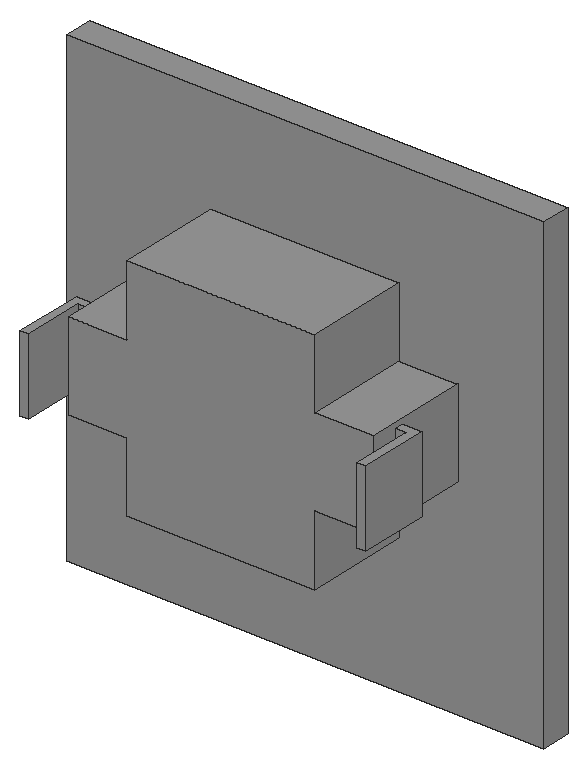
Revit family "IEK_Выключатель_Встраиваемый_10А одноклавишный проходной IP20_КВАРТА", category Выключатели, Revit 2019
Family settings
  Сохранять ориентацию аннотаций = Да
  Размер круглого соединителя = Использовать диаметр
  Тип детали = Переключатель
  На основе рабочей плоскости = Нет
  Всегда вертикально = Да
  При загрузке вырезать с полостями = Нет
  Общий = Нет
  Точка расчета площади = Нет
Parameters (values of type "ВСп10-1-0-ККм")
  Ширина = 81.5 mm  # constant formula
  Тип монтажа = "Скрытый монтаж (в штукатурку)"  # constant formula
  Степень защиты = "IP20"  # constant formula
  Изготовитель = "IEK"  # constant formula
  Дата изменения = ""
  Глубина = 46 mm  # constant formula
  Высота = 80.5 mm  # constant formula
  ΔХ [instance] = 2000 mm
  ΔY [instance] = 2000 mm
  KSI_CPr_Строительные изделия = "20.4.01"  # constant formula
  KSI_CMa_Строительные материалы = "01.7.14.03"  # constant formula
  IEK_Цена за единицу = 151.06  # constant formula
  IEK_Поиск в таблице имен = ""
  IEK_Описание = "Классический дизайн, проверенный временем и востребованный различными категориями потребителей, позволяет устанавливать изделия серии \"КВАРТА\" в квартирах, загородных домах, офисных и производственных помещениях."
  IEK_URL = "https://www.iek.ru/products/catalog/izdeliya_elektroustanovochnye_udliniteli_i_silovye_razemy/elektroustanovochnye_izdeliya/elektroustanovochnye_izdeliya_skrytogo_montazha/elektroustanovochnye_izdeliya_kvarta/elektroustanovochnye_izdeliya_kvarta_tsvet_kremovyy/vyklyuchatel_1_klavishnyy_prokhodnoy_vsp10_1_0_kkm_10a_kvarta_kremovyy_iek"
  ADSK_Ток [instance] = 10 A  # constant formula
  ADSK_Примечание = ""
  ADSK_Полная мощность [instance] = ADSK_Номинальная мощность / ADSK_Коэффициент мощности  # 2200 VA
  ADSK_Позиция [instance] = ""
  ADSK_Номинальная мощность [instance] = ADSK_Ток * ADSK_Напряжение * sqrt(ADSK_Количество фаз числовое) * ADSK_Коэффициент мощности  # 2200 W
  ADSK_Напряжение = 220 V
  ADSK_Наименование = "Выключатель 1-клавишный проходной ВСп10-1-0-ККм 10А КВАРТА кремовый IEK"
  ADSK_Материал обозначение = ""
  ADSK_Материал наименование = "Пластик"  # constant formula
  ADSK_Материал = Цвет кремовый
  ADSK_Масса = 0.091  # constant formula
  ADSK_Марка = "КВАРТА"  # constant formula
  ADSK_Коэффициент мощности [instance] = 1  # constant formula
  ADSK_Количество фаз числовое = 1
  ADSK_Количество фаз = 1
  ADSK_Код изделия = "EVK12-K33-10-DM"
  ADSK_Классификация нагрузок [instance] = Прочее
  ADSK_Завод-изготовитель = "IEK"  # constant formula
  ADSK_Единица измерения = "шт"  # constant formula
  ADSK_Группирование = "III ЭЛЕКТРОУСТАНОВОЧНЫЕ И ЭЛЕКТРОМОНТАЖНЫЕ ИЗДЕЛИЯ"  # constant formula
  ADSK_Версия семейства = "1.0"  # constant formula
  ADSK_Версия Revit = "2019"  # constant formula
  ADSK_URL страницы изделия = "https://www.iek.ru/products/catalog/izdeliya_elektroustanovochnye_udliniteli_i_silovye_razemy/elektroustanovochnye_izdeliya/elektroustanovochnye_izdeliya_skrytogo_montazha/elektroustanovochnye_izdeliya_kvarta/?pagec=100"
Types (3, lengths in mm): name | IEK_URL | ADSK_Наименование | ADSK_Материал | ADSK_Код изделия
  (no name) | "https://www.iek.ru/products/catalog/izdeliya_elektroustanovochnye_udliniteli_i_silovye_razemy/elektroustanovochnye_izdeliya/elektroustanovochnye_izdeliya_skrytogo_montazha/elektroustanovochnye_izdeliya_kvarta/elektroustanovochnye_izdeliya_kvarta_tsvet_kremovyy/vyklyuchatel_1_klavishnyy_prokhodnoy_vsp10_1_0_kkm_10a_kvarta_kremovyy_iek" | "Выключатель 1-клавишный проходной ВСп10-1-0-ККм 10А КВАРТА кремовый IEK" | Цвет кремовый | "EVK12-K33-10-DM"
  ВСп10-1-0-КБ | "https://www.iek.ru/products/catalog/izdeliya_elektroustanovochnye_udliniteli_i_silovye_razemy/elektroustanovochnye_izdeliya/elektroustanovochnye_izdeliya_skrytogo_montazha/elektroustanovochnye_izdeliya_kvarta/elektroustanovochnye_izdeliya_kvarta_tsvet_belyy/vyklyuchatel_1_klavishnyy_prokhodnoy_vsp10_1_0_kb_10a_kvarta_belyy_iek" | "Выключатель 1-клавишный проходной ВСп10-1-0-КБ 10А КВАРТА белый IEK" | Цвет белый | "EVK12-K01-10-DM"
  ВСп10-1-0-ККм | "https://www.iek.ru/products/catalog/izdeliya_elektroustanovochnye_udliniteli_i_silovye_razemy/elektroustanovochnye_izdeliya/elektroustanovochnye_izdeliya_skrytogo_montazha/elektroustanovochnye_izdeliya_kvarta/elektroustanovochnye_izdeliya_kvarta_tsvet_kremovyy/vyklyuchatel_1_klavishnyy_prokhodnoy_vsp10_1_0_kkm_10a_kvarta_kremovyy_iek" | "Выключатель 1-клавишный проходной ВСп10-1-0-ККм 10А КВАРТА кремовый IEK" | Цвет кремовый | "EVK12-K33-10-DM"
Reference planes
  plane 1 "По центру (Вперед/Назад)": y = 0
  plane 2: z = 0
  plane 3 "По центру (Влево/Вправо)": x = 0
  plane 4 "Высота ножек": z = 280
  plane 5 "Высота": z = 2081.496
  plane 6: x = -2000
  plane 7: y = 2000
Forms (mm)
  Extrusion 1, solid, material "Цвет кремовый" <- "ADSK_Материал", detail levels fine
    sketch origin (0, -492.152, 42.527) x (1, 0, 0) y (0, 1, 0)
      loop
        line (26, 480.152) -> (26, 478.652) -> (27.993, 478.652) -> (27.993, 468.152) -> (29.498, 468.152) -> (29.498, 480.152) -> (26, 480.152)
      loop
        line (-26, 480.152) -> (-29.498, 480.152) -> (-29.498, 468.152) -> (-27.993, 468.152) -> (-27.993, 478.652) -> (-26, 478.652) -> (-26, 480.152)
    from -5.817 to 7.183
  Extrusion 2, solid, detail levels coarse
    sketch origin (0, 0, 0) x (1, 0, 0) y (0, 1, 0)
      loop
        line (-40.75, -24) -> (40.75, -24) -> (40.75, 20) -> (-40.75, 20) -> (-40.75, -24)
    from 0 to 80.5
  Extrusion 3, solid, detail levels medium
    sketch origin (0, 0, 0) x (1, 0, 0) y (0, 1, 0)
      loop
        line (-40.75, 20) -> (-40.75, -24) -> (40.75, -24) -> (40.75, 20) -> (-40.75, 20)
    from 0 to 80.5
  Extrusion 4, solid, material "Цвет кремовый" <- "ADSK_Материал", detail levels fine
    sketch origin (0, 0, 40.25) x (1, 0, 0) y (0, 0, -1)
      loop
        line (-40.75, -40.25) -> (40.75, -40.25) -> (40.75, 40.25) -> (-40.75, 40.25) -> (-40.75, -40.25)
    from 0 to 14.038
  Extrusion 5, void
    sketch origin (-0.5, 0, 41.036) x (-1, 0, 0) y (0, -1, 0)
      loop
        spline (40.25, -5) -> (38.349, -6.53) -> (36.302, -7.861) -> (34.142, -9.01) -> (31.901, -9.995) -> (29.61, -10.832) -> (27.303, -11.54) -> (25.011, -12.136) -> (22.767, -12.637) -> (20.603, -13.06) -> (18.551, -13.423) -> (16.643, -13.743) -> (14.912, -14.038)
        line (14.912, -14.038) -> (11.84, -14.038) -> (11.84, -18.875) -> (40.25, -18.875) -> (40.25, -5)
    from -55.184 to 53.611
  Extrusion 6, void
    sketch origin (0.5, 0, 41.036) x (1, 0, 0) y (0, 1, 0)
      loop
        line (40.25, 5) -> (40.25, 18.875) -> (11.84, 18.875) -> (11.84, 14.038) -> (14.912, 14.038)
        spline (14.912, 14.038) -> (16.643, 13.743) -> (18.551, 13.423) -> (20.603, 13.06) -> (22.767, 12.637) -> (25.011, 12.136) -> (27.303, 11.54) -> (29.61, 10.832) -> (31.901, 9.995) -> (34.142, 9.01) -> (36.302, 7.861) -> (38.349, 6.53) -> (40.25, 5)
    from -55.184 to 53.611
  Extrusion 7, void
    sketch origin (0.786, 0, 40.25) x (0, 0, 1) y (0, -1, 0)
      loop
        spline (40.25, -5) -> (38.356, -6.403) -> (36.324, -7.586) -> (34.182, -8.58) -> (31.961, -9.416) -> (29.69, -10.124) -> (27.399, -10.734) -> (25.119, -11.276) -> (22.878, -11.781) -> (20.708, -12.28) -> (18.636, -12.802) -> (16.694, -13.378) -> (14.912, -14.038)
        line (14.912, -14.038) -> (11.84, -14.038) -> (11.84, -18.875) -> (40.25, -18.875) -> (40.25, -5)
    from -55.184 to 53.611
  Extrusion 8, void
    sketch origin (0, 0, 40.25) x (1, 0, 0) y (0, 0, -1)
      loop
        line (-29, -25) -> (29, -25) -> (29, 25) -> (-29, 25) -> (-29, -25)
    from 1 to 14.038
  Extrusion 9, void
    sketch origin (0.786, 0, 40.25) x (0, 0, -1) y (0, 1, 0)
      loop
        line (40.25, 5) -> (40.25, 18.875) -> (11.84, 18.875) -> (11.84, 14.038) -> (14.912, 14.038)
        spline (14.912, 14.038) -> (16.694, 13.378) -> (18.636, 12.802) -> (20.708, 12.28) -> (22.878, 11.781) -> (25.119, 11.276) -> (27.399, 10.734) -> (29.69, 10.124) -> (31.961, 9.416) -> (34.182, 8.58) -> (36.324, 7.586) -> (38.356, 6.403) -> (40.25, 5)
    from -55.184 to 53.611
  Extrusion 10, solid, material "Цвет кремовый" <- "ADSK_Материал", detail levels fine
    sketch origin (0, 0, 39.887) x (0, 0, 1) y (0, -1, 0)
      loop
        line (-24.209, -5) -> (-24.209, -11.055)
        arc (-24.209, -11.055) -> (-22.524, -15.523) -> (-19.835, -19.47) r 20.163
        arc (-19.835, -19.47) -> (3.045, -18.975) -> (24.863, -12.066) r 80.547
        line (24.863, -12.066) -> (24.863, -5) -> (-24.209, -5)
    from -28.5 to 28.5
  Extrusion 11, solid, material "Цвет кремовый" <- "ADSK_Материал", detail levels fine
    sketch origin (0, 0, 40.25) x (1, 0, 0) y (0, 0, -1)
      loop
        line (16, -22.25) -> (16, -10.25) -> (26, -10.25) -> (26, 4.75) -> (16, 4.75) -> (16, 16.75) -> (-16, 16.75) -> (-16, 4.75) -> (-26, 4.75) -> (-26, -10.25) -> (-16, -10.25) -> (-16, -22.25) -> (16, -22.25)
    from -18 to 0
Cuts and joins
  Extrusion 5, Extrusion 6, Extrusion 7, Extrusion 8, Extrusion 9 cuts Extrusion 4
Lines and regions (mm)
  reference lines
    curve 1: line (0, 44.647, 0) -> (0, -55.353, 0)
    curve 2: line (-23.829, 0, 0) -> (76.171, 0, 0)
Dimensions and locks
  locked: plane 4 "Высота ножек" to plane 2 at 280
  plane 5 "Высота" to plane 4 "Высота ножек" = 1801.496 mm
  "ΔХ": plane 6 to curve 1
  "ΔY": plane 7 to curve 2
  aligned and locked: level to plane 2
  aligned and locked: curve 2 to nested 1
  aligned and locked: nested 1 to curve 1
Automatic sketch dimensions
  plane 1 "По центру (Вперед/Назад)" to Extrusion 1 sketch curve = 12 mm  (x2)
  Extrusion 1 sketch curve to plane 3 "По центру (Влево/Вправо)" = 29.498 mm
  Extrusion 1 sketch curve to Extrusion 1 sketch curve = 1.504 mm  (x2)
  Extrusion 1 sketch curve to Extrusion 1 sketch curve = 1.993 mm  (x2)
  plane 3 "По центру (Влево/Вправо)" to Extrusion 1 sketch curve = 26 mm
  Extrusion 1 sketch curve to Extrusion 1 sketch curve = 1.5 mm  (x2)
  Extrusion 1 sketch curve to Extrusion 1 sketch curve = 10.5 mm  (x2)
  Extrusion 2 sketch curve to plane 1 "По центру (Вперед/Назад)" = 20 mm
  Extrusion 2 sketch curve to plane 3 "По центру (Влево/Вправо)" = 40.75 mm
  plane 3 "По центру (Влево/Вправо)" to Extrusion 2 sketch curve = 40.75 mm
  plane 1 "По центру (Вперед/Назад)" to Extrusion 2 sketch curve = 24 mm
  Extrusion 3 sketch curve to plane 3 "По центру (Влево/Вправо)" = 40.75 mm
  plane 3 "По центру (Влево/Вправо)" to Extrusion 3 sketch curve = 40.75 mm
  plane 1 "По центру (Вперед/Назад)" to Extrusion 3 sketch curve = 24 mm
  Extrusion 3 sketch curve to plane 1 "По центру (Вперед/Назад)" = 20 mm
  Extrusion 4 sketch curve to level = 0 mm
  Extrusion 4 sketch curve to plane 3 "По центру (Влево/Вправо)" = 40.75 mm
  Extrusion 4 sketch curve to Extrusion 4 sketch curve = 81.5 mm
  level to Extrusion 4 sketch curve = 80.5 mm
  Extrusion 5 sketch curve to plane 3 "По центру (Влево/Вправо)" = 12.34 mm
  Extrusion 5 sketch curve to Extrusion 5 sketch curve = 3.071 mm
  Extrusion 5 sketch curve to Extrusion 5 sketch curve = 25.338 mm
  Extrusion 5 sketch curve to plane 1 "По центру (Вперед/Назад)" = 18.875 mm
  Extrusion 5 sketch curve to Extrusion 5 sketch curve = 4.837 mm
  Extrusion 5 sketch curve to Extrusion 5 sketch curve = 13.875 mm
  plane 3 "По центру (Влево/Вправо)" to Extrusion 6 sketch curve = 12.34 mm
  Extrusion 6 sketch curve to Extrusion 6 sketch curve = 3.071 mm
  Extrusion 6 sketch curve to Extrusion 6 sketch curve = 25.338 mm
  Extrusion 6 sketch curve to plane 1 "По центру (Вперед/Назад)" = 5 mm
  Extrusion 6 sketch curve to Extrusion 6 sketch curve = 9.038 mm
  Extrusion 6 sketch curve to Extrusion 6 sketch curve = 4.837 mm
  level to Extrusion 7 sketch curve = 52.09 mm
  Extrusion 7 sketch curve to Extrusion 7 sketch curve = 3.071 mm
  Extrusion 7 sketch curve to Extrusion 7 sketch curve = 25.338 mm
  Extrusion 7 sketch curve to plane 1 "По центру (Вперед/Назад)" = 18.875 mm
  Extrusion 7 sketch curve to Extrusion 7 sketch curve = 4.837 mm
  Extrusion 7 sketch curve to Extrusion 7 sketch curve = 13.875 mm
  level to Extrusion 8 sketch curve = 15.25 mm
  Extrusion 8 sketch curve to plane 3 "По центру (Влево/Вправо)" = 29 mm
  Extrusion 8 sketch curve to Extrusion 8 sketch curve = 58 mm
  level to Extrusion 8 sketch curve = 65.25 mm
  level to Extrusion 9 sketch curve = 28.41 mm
  Extrusion 9 sketch curve to Extrusion 9 sketch curve = 3.071 mm
  Extrusion 9 sketch curve to Extrusion 9 sketch curve = 25.338 mm
  Extrusion 9 sketch curve to plane 1 "По центру (Вперед/Назад)" = 5 mm
  Extrusion 9 sketch curve to Extrusion 9 sketch curve = 9.038 mm
  Extrusion 9 sketch curve to Extrusion 9 sketch curve = 4.837 mm
  level to Extrusion 10 sketch curve = 15.678 mm
  level to Extrusion 10 sketch curve = 29.77 mm
  level to Extrusion 10 sketch curve = 35.254 mm
  level to Extrusion 10 sketch curve = 64.75 mm
  Extrusion 10 sketch curve to plane 1 "По центру (Вперед/Назад)" = 12.066 mm
  Extrusion 10 sketch curve to Extrusion 10 sketch curve = 1.011 mm
  Extrusion 10 sketch curve to Extrusion 10 sketch curve = 4.83 mm
  Extrusion 10 sketch curve to Extrusion 10 sketch curve = 7.066 mm
  Extrusion 10 sketch curve to Extrusion 10 sketch curve = 66.713 mm
  level to Extrusion 11 sketch curve = 50.5 mm  (x2)
  Extrusion 11 sketch curve to plane 3 "По центру (Влево/Вправо)" = 26 mm
  Extrusion 11 sketch curve to Extrusion 11 sketch curve = 10 mm  (x3)
  Extrusion 11 sketch curve to Extrusion 11 sketch curve = 32 mm
  level to Extrusion 11 sketch curve = 35.5 mm  (x2)
  Extrusion 11 sketch curve to Extrusion 11 sketch curve = 0 mm
  Extrusion 11 sketch curve to Extrusion 11 sketch curve = 12 mm  (x2)
  curve 2 to plane 3 "По центру (Влево/Вправо)" = 23.829 mm
  plane 3 "По центру (Влево/Вправо)" to curve 2 = 76.171 mm
  plane 1 "По центру (Вперед/Назад)" to curve 1 = 55.353 mm
  curve 1 to plane 1 "По центру (Вперед/Назад)" = 44.647 mm
Nested families
  nested 1: "УГО Выключателя" at (0, 0, 0), type "1K-C", detail levels coarse+medium
    with IP44 no
Connectors
  electrical at (0, -24, 40.25), driven by "ADSK_Количество фаз", driven by "ADSK_Классификация нагрузок", driven by "ADSK_Напряжение", driven by "ADSK_Полная мощность", driven by "ADSK_Коэффициент мощности"
    settings: on Extrusion 2, index 1, voltage 220 V, apparent load 0 VA, apparent load phase1 2200 VA, apparent load phase2 0 VA, apparent load phase3 0 VA, power factor 1, load classification "Прочее", number of poles 1, system type 31, power factor state 1, is connector primary yes, connector utility no, sub classification motor no, connector description ""
Definition of nested family "УГО Выключателя"
  Parameters (values of type "3K-O")
    IP44 [instance] = no
    3K-C = no
    2K-C = no
    1K-C = no
    3K-O = yes
    2K-O = no
    1K-O = no
  Types (6, lengths in mm): name | 3K-C | 2K-C | 1K-C | 3K-O | 1K-O
    2K-O | no | no | no | yes | no
    3K-O | no | no | no | yes | no
    2K-C | no | yes | no | no | no
    1K-O | no | no | no | no | yes
    1K-C | no | no | yes | no | no
    3K-C | yes | no | no | no | no
  Reference planes
    plane 1: y = 0
    plane 2: x = 0
  Lines and regions (mm)
    Filled region 1, type "Цветовая область 1", visible <- "IP44"
      outline origin (0, 0, 0) x (1, 0, 0) y (0, 1, 0)
        loop
          circle (0.006, 0.994) r 0.994
    Filled region 2, type "Цветовая область 1", visible <- "IP44", not visible
      outline origin (0, 0, 0) x (1, 0, 0) y (0, 1, 0)
        loop
          circle (0, 2.214) r 0.994
    Filled region 3, type "Цветовая область 1", visible <- "IP44"
      outline origin (-1.562, 0, 0) x (1, 0, 0) y (0, 1, 0)
        loop
          circle (1.569, 0.994) r 0.994
    Filled region 4, type "Цветовая область 1", visible <- "1K-O"
      outline origin (0, 6.25, 0) x (1, 0, 0) y (0, 1, 0)
        loop
          circle (0.006, -5.256) r 0.994
    Filled region 5, type "Цветовая область 1", visible <- "IP44"
      outline origin (-1.562, 0, 0) x (1, 0, 0) y (0, 1, 0)
        loop
          circle (1.569, 0.994) r 0.994
    Filled region 6, type "Цветовая область 1", visible <- "IP44"
      outline origin (0, 0, 0) x (1, 0, 0) y (0, 1, 0)
        loop
          circle (0.006, 0.994) r 0.994
    Filled region 7, type "Цветовая область 1", visible <- "IP44", not visible
      outline origin (-1.562, 0, 0) x (1, 0, 0) y (0, 1, 0)
        loop
          circle (11.009, 9.276) r 0.994
    Filled region 8, type "Цветовая область 1", visible <- "1K-O", not visible
      outline origin (0, 6.25, 0) x (1, 0, 0) y (0, 1, 0)
        loop
          circle (15.194, 9.276) r 0.994
    Filled region 9, type "Цветовая область 1", visible <- "IP44", not visible
      outline origin (-1.562, 0, 0) x (1, 0, 0) y (0, 1, 0)
        loop
          circle (23.521, 9.279) r 0.994
    Filled region 10, type "Цветовая область 1", visible <- "IP44", not visible
      outline origin (0, 0, 0) x (1, 0, 0) y (0, 1, 0)
        loop
          circle (28.604, 9.279) r 0.994
    Filled region 11, type "Цветовая область 1", visible <- "IP44", not visible
      outline origin (0, 0, 0) x (1, 0, 0) y (0, 1, 0)
        loop
          circle (32.789, 9.279) r 0.994
    Filled region 12, type "Цветовая область 1", visible <- "IP44"
      outline origin (0, 0, 0) x (1, 0, 0) y (0, 1, 0)
        loop
          circle (0.006, 0.994) r 0.994
    detail lines, visible <- "3K-O"
      curve 1: line (0.867, 1.49, 0) -> (3.037, 2.744, 0)
      curve 2: line (0.645, 1.755, 0) -> (2.256, 3.675, 0)
      curve 3: line (0.33, 1.933, 0) -> (1.146, 4.303, 0)
      curve 7: circle (0.006, 0.994, 0) r 0.994 normal (0, 0, 1)
      curve 16: line (3.037, 2.744, 0) -> (3.437, 2.051, 0)
      curve 17: line (2.256, 3.675, 0) -> (2.869, 3.161, 0)
      curve 18: line (1.146, 4.303, 0) -> (1.902, 4.042, 0)
    detail lines, visible <- "2K-O"
      curve 4: line (0.756, 1.645, 0) -> (2.648, 3.29, 0)
      curve 5: line (0.488, 1.863, 0) -> (1.703, 4.055, 0)
      curve 8: circle (0.006, 0.994, 0) r 0.994 normal (0, 0, 1)
      curve 19: line (2.648, 3.29, 0) -> (3.173, 2.686, 0)
      curve 20: line (1.703, 4.055, 0) -> (2.403, 3.667, 0)
    detail lines, visible <- "1K-O"
      curve 6: line (0.576, 1.808, 0) -> (2.014, 3.861, 0)
      curve 9: circle (0.006, 0.994, 0) r 0.994 normal (0, 0, 1)
      curve 21: line (2.014, 3.861, 0) -> (2.669, 3.402, 0)
    detail lines, visible <- "3K-C"
      curve 10: line (0.867, 1.49, 0) -> (3.037, 2.744, 0)
      curve 11: line (0.645, 1.755, 0) -> (2.256, 3.675, 0)
      curve 12: line (0.33, 1.933, 0) -> (1.146, 4.303, 0)
      curve 14: circle (0.006, 0.994, 0) r 0.994 normal (0, 0, 1)
      curve 23: line (2.812, 3.133, 0) -> (3.262, 2.354, 0)
      curve 24: line (1.911, 3.964, 0) -> (2.601, 3.386, 0)
      curve 25: line (0.72, 4.449, 0) -> (1.571, 4.156, 0)
    detail lines, visible <- "1K-C"
      curve 13: line (0.576, 1.808, 0) -> (2.014, 3.861, 0)
      curve 15: circle (0.006, 0.994, 0) r 0.994 normal (0, 0, 1)
      curve 22: line (1.645, 4.119, 0) -> (2.383, 3.603, 0)
    detail lines, visible <- "3K-O", not visible
      curve 26: line (0.86, 2.711, 0) -> (3.031, 3.964, 0)
      curve 27: line (0.639, 2.975, 0) -> (2.25, 4.895, 0)
      curve 28: line (0.323, 3.154, 0) -> (1.139, 5.524, 0)
      curve 29: circle (0, 2.214, 0) r 0.994 normal (0, 0, 1)
      curve 30: line (3.031, 3.964, 0) -> (3.431, 3.272, 0)
      curve 31: line (2.25, 4.895, 0) -> (2.863, 4.381, 0)
      curve 32: line (1.139, 5.524, 0) -> (1.896, 5.263, 0)
    detail lines, visible <- "2K-O", not visible
      curve 33: line (10.196, 9.928, 0) -> (12.088, 11.572, 0)
      curve 34: line (9.928, 10.145, 0) -> (11.143, 12.337, 0)
      curve 35: circle (9.446, 9.276, 0) r 0.994 normal (0, 0, 1)
      curve 36: line (12.088, 11.572, 0) -> (12.613, 10.968, 0)
      curve 37: line (11.143, 12.337, 0) -> (11.843, 11.949, 0)
    detail lines, visible <- "1K-O", not visible
      curve 38: line (15.764, 16.34, 0) -> (17.201, 18.393, 0)
      curve 39: circle (15.194, 15.526, 0) r 0.994 normal (0, 0, 1)
      curve 40: line (17.201, 18.393, 0) -> (17.857, 17.934, 0)
    detail lines, visible <- "3K-C", not visible
      curve 41: line (22.819, 9.775, 0) -> (24.99, 11.029, 0)
      curve 42: line (22.597, 10.04, 0) -> (24.208, 11.96, 0)
      curve 43: line (22.282, 10.218, 0) -> (23.098, 12.588, 0)
      curve 44: circle (21.958, 9.279, 0) r 0.994 normal (0, 0, 1)
      curve 45: line (24.765, 11.418, 0) -> (25.215, 10.639, 0)
      curve 46: line (23.863, 12.249, 0) -> (24.553, 11.67, 0)
      curve 47: line (22.672, 12.734, 0) -> (23.523, 12.441, 0)
    detail lines, visible <- "2K-C", not visible
      curve 48: line (29.354, 9.93, 0) -> (31.246, 11.575, 0)
      curve 49: line (29.086, 10.148, 0) -> (30.301, 12.34, 0)
      curve 50: circle (28.604, 9.279, 0) r 0.994 normal (0, 0, 1)
      curve 51: line (30.951, 11.914, 0) -> (31.541, 11.235, 0)
      curve 52: line (29.908, 12.558, 0) -> (30.695, 12.122, 0)
    detail lines, visible <- "1K-C", not visible
      curve 53: line (33.359, 10.092, 0) -> (34.797, 12.146, 0)
      curve 54: circle (32.789, 9.279, 0) r 0.994 normal (0, 0, 1)
      curve 55: line (34.428, 12.404, 0) -> (35.165, 11.887, 0)
    detail lines, visible <- "2K-C"
      curve 56: line (0.756, 1.645, 0) -> (2.648, 3.29, 0)
      curve 57: line (0.488, 1.863, 0) -> (1.703, 4.055, 0)
      curve 58: circle (0.006, 0.994, 0) r 0.994 normal (0, 0, 1)
      curve 59: line (2.353, 3.629, 0) -> (2.943, 2.95, 0)
      curve 60: line (1.31, 4.273, 0) -> (2.097, 3.837, 0)
    detail lines
      curve 61: line (0.006, 0, 0) -> (0.006, 2.454, 0)
      curve 62: line (0.006, 0, 0) -> (2.217, 0, 0)
